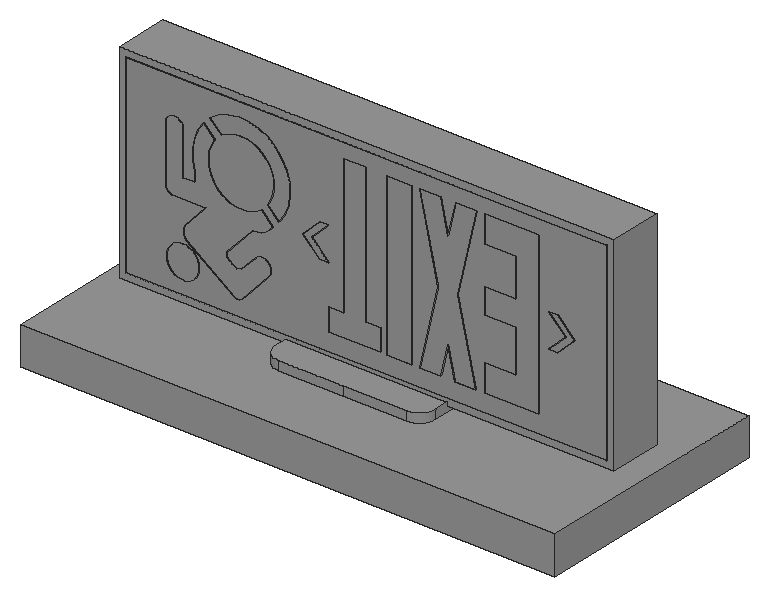
Revit family "ATXHTLR-LGUSWCT", category Lighting Fixtures, host Face, Revit 2026
Family settings
  Host = Face
  Round Connector Dimension = Use Diameter
  Part Type = Normal
  Cut with Voids When Loaded = No
  Light Source = No
  Maintain Annotation Orientation = No
  Shared = No
  Room Calculation Point = No
Parameters (values of type "ATXHTLRUSWCT-WHITE-CEILING MOUNT")
  Wattage Comments = "2 W"
  Type Image = ATC-CT- IMAGE .jpg
  Type Comments = ""
  Model = "ATXHTLRUSWCT-CEILING MOUNT"
  Manufacturer = "BEGHELLI"
  Lamp = "LED"
  LETTER MATERIAL = LETTER MATERIAL RED
  HOUSING MATERIAL = HOUSING MATERIAL WHITE
  Description = ""
  Default Elevation = 4' - 0"
Types (5): name | LETTER MATERIAL | HOUSING MATERIAL
  (no name) | LETTER MATERIAL RED | HOUSING MATERIAL WHITE
  ATXHTLRUSWCT-WHITE-CEILING MOUNT | LETTER MATERIAL RED | HOUSING MATERIAL WHITE
  ATXHTLGUSWCT-WHITE-CEILING MOUNT | LETTERS MATERIAL GREEN | HOUSING MATERIAL WHITE
  ATXHTLGUSWCT-BLACK-CEILING MOUNT | LETTERS MATERIAL GREEN | HOUSING MATERIAL BLACK
  ATXHTLRUSWCT-BLACK-CEILING MOUNT | LETTER MATERIAL RED | HOUSING MATERIAL BLACK
Reference planes (in)
  plane 1 "Center (Front/Back)": y = 0
  plane 2: z = 0
  plane 3 "Center (Left/Right)": x = 0
Forms (in)
  Extrusion 1, solid, material "HOUSING MATERIAL WHITE" <- "HOUSING MATERIAL"
    sketch origin (0, 0, 0) x (1, 0, 0) y (0, 1, 0)
      loop
        line (-10, 4.5) -> (-10, -4.57261) -> (9.9928, -4.57261) -> (9.9928, 4.5) -> (-10, 4.5)
    from 0 to -1.42056
Dimensions and locks (in)
  aligned and locked: plane 2 to Extrusion 1
  aligned and locked: level to Extrusion 1
  aligned and locked: nested 1 to level
Nested families (in)
  nested 1: "ATX-CT-CEILING" at (0, 0, 0.34287), type "LETTERS"
Definition of nested family "ATX-CT-CEILING"
  Parameters (values of type "LETTERS")
    LETTERS MATERIAL = none
    HOUSING MATERIAL = none
    Default Elevation = 0' - 0"
  Reference planes (in)
    plane 1 "Center (Front/Back)": y = 0
    plane 2: z = 0
    plane 3 "Center (Left/Right)": x = 0
  Dimensions and locks (in)
    aligned and locked: plane 2 to level
  Nested families (in)
    nested 1: "ATX-CT-CEILING BACKET" at (0, 0, 0), type "ATX-CT-CEILING BACKET"
    nested 2: "ATX - CT - HOUSING-CEILING" at (0, 0.13672, 3.7508), type "LETTERS"
    nested 3: "ATX - LETTER-CEILING" at (0, 0.28232, 3.7508), type "LETTERS"
  Definition of nested family "ATX-CT-CEILING BACKET"
    Parameters (values of type "ATX-CT-CEILING BACKET")
      Default Elevation = 0' - 0"
      HOUSING MATERIAL = none
    Reference planes (in)
      plane 1 "Center (Front/Back)": y = 0
      plane 2: z = 0
      plane 3 "Center (Left/Right)": x = 0
      plane 4: z = 2
    Forms (in)
      Extrusion 1, solid, material <- "HOUSING MATERIAL"
        sketch origin (0, 0, 0) x (1, 0, 0) y (0, 1, 0)
          loop
            line (0, 2) -> (-2.39456, 2)
            arc (-2.39456, 2) -> (-2.82267, 1.82267) -> (-3, 1.39456) r 0.60544
            line (-3, 1.39456) -> (-3, 0) -> (-3, -1.39456)
            arc (-3, -1.39456) -> (-2.82267, -1.82267) -> (-2.39456, -2) r 0.60544
            line (-2.39456, -2) -> (0, -2) -> (2.39456, -2)
            arc (2.39456, -2) -> (2.82267, -1.82267) -> (3, -1.39456) r 0.60544
            line (3, -1.39456) -> (3, 0) -> (3, 1.39456)
            arc (3, 1.39456) -> (2.82267, 1.82267) -> (2.39456, 2) r 0.60544
            line (2.39456, 2) -> (0, 2)
        from -0.34287 to 0
      Extrusion 2, void
        sketch origin (0, 0, 0) x (1, 0, 0) y (0, 1, 0)
          loop
            line (-3.2578, 1.13654) -> (-3.2578, -0.86346) -> (3.2422, -0.86346) -> (3.2422, 1.13654) -> (-3.2578, 1.13654)
        from -0.1242 to 0
    Cuts and joins
      Extrusion 2 cuts Extrusion 1
    Dimensions and locks (in)
      plane 4 to level = 0' - 2"
      aligned and locked: plane 2 to level
  Definition of nested family "ATX - CT - HOUSING-CEILING"
    Parameters (values of type "LETTERS")
      HOUSING MATERIAL = none
      Default Elevation = 0' - 0"
    Reference planes (in)
      plane 1 "Center (Front/Back)": y = 0
      plane 2: z = 0
      plane 3 "Center (Left/Right)": x = 0
      plane 4: y = 1
      plane 5: y = -1
    Forms (in)
      Extrusion 1, solid, material <- "HOUSING MATERIAL"
        sketch origin (0, 0, 0) x (1, 0, 0) y (0, 0, 1)
          loop
            line (-9, 3.625) -> (-9, -3.625) -> (9, -3.625) -> (9, 3.625) -> (-9, 3.625)
        from -1 to 1
      Extrusion 2, solid, material <- "HOUSING MATERIAL"
        sketch origin (0, 0, 0) x (1, 0, 0) y (0, 0, 1)
          loop
            line (-9.25, 3.875) -> (-9.25, -3.875) -> (9.25, -3.875) -> (9.25, 3.875) -> (-9.25, 3.875)
          loop
            line (-9, 3.625) -> (-9, -3.625) -> (9, -3.625) -> (9, 3.625) -> (-9, 3.625)
        from -1 to 1
      Extrusion 3, void
        sketch origin (0, 0, 0) x (1, 0, 0) y (0, 0, 1)
          loop
            arc (-3.27296, 0.07811) -> (-3.41488, 2.53171) -> (-5.86849, 2.67363) r 1.84763
            line (-5.86849, 2.67363) -> (-5.44168, 2.24682)
            arc (-5.44168, 2.24682) -> (-3.83747, 2.10912) -> (-3.69977, 0.50491) r 1.25
            line (-3.69977, 0.50491) -> (-3.27296, 0.07811)
          loop
            line (-3.49783, -0.16894) -> (-3.92304, 0.25627)
            arc (-3.92304, 0.25627) -> (-5.56371, 0.36726) -> (-5.6747, 2.00793) r 1.25
            line (-5.6747, 2.00793) -> (-6.09991, 2.43314)
            arc (-6.09991, 2.43314) -> (-6.49657, 1.58756) -> (-6.42899, 0.65602) r 1.84763
            line (-6.42899, 0.65602) -> (-6.42899, 0.30812) -> (-6.87657, 0.30812) -> (-6.87657, 1.92754)
            arc (-6.87657, 1.92754) -> (-7.20442, 2.25539) -> (-7.53228, 1.92754) r 0.32786
            line (-7.53228, 1.92754) -> (-7.53228, -0.11639)
            arc (-7.53228, -0.11639) -> (-7.4471, -0.32202) -> (-7.24147, -0.4072) r 0.2908
            line (-7.24147, -0.4072) -> (-6.03228, -0.4072) -> (-6.76802, -1.22433)
            arc (-6.76802, -1.22433) -> (-6.86399, -1.47433) -> (-6.76802, -1.72433) r 0.37362
            line (-6.76802, -1.72433) -> (-4.97141, -3.00269)
            arc (-4.97141, -3.00269) -> (-4.79856, -3.03735) -> (-4.63764, -2.96538) r 0.28964
            line (-4.63764, -2.96538) -> (-3.67647, -1.89789)
            arc (-3.67647, -1.89789) -> (-3.67647, -1.42767) -> (-4.14669, -1.42767) r 0.3325
            line (-4.14669, -1.42767) -> (-4.68627, -1.96725)
            arc (-4.68627, -1.96725) -> (-4.8538, -2.03402) -> (-5.02132, -1.96725) r 0.24355
            line (-5.02132, -1.96725) -> (-5.22832, -1.76025)
            arc (-5.22832, -1.76025) -> (-5.24817, -1.69119) -> (-5.23565, -1.62044) r 0.15926
            line (-5.23565, -1.62044) -> (-4.27281, -0.5511)
            arc (-4.27281, -0.5511) -> (-3.83887, -0.45421) -> (-3.49783, -0.16894) r 0.94119
          loop
            circle (-6.87657, -2.51674) r 0.60948
          loop
            line (-1.42905, 0.63094) -> (-1.76603, 0.63094) -> (-2.39928, -0.00232) -> (-1.76603, -0.63557) -> (-1.42905, -0.63557) -> (-2.0623, -0.00232) -> (-1.42905, 0.63094)
          loop
            line (-0.04469, 3.05683) -> (-0.86603, 3.05683) -> (-0.86603, -2.12952) -> (-1.43701, -2.12952) -> (-1.43701, -2.94317) -> (0.52629, -2.94317) -> (0.52629, -2.12952) -> (-0.04469, -2.12952) -> (-0.04469, 3.05683)
          loop
            line (0.76651, 3.04982) -> (0.76651, -2.95018) -> (1.68895, -2.95018) -> (1.68895, 3.04982) -> (0.76651, 3.04982)
          loop
            line (2.76883, 3.04982) -> (1.97193, 3.04982) -> (2.6751, 0.00404) -> (1.99306, -2.95018) -> (2.78997, -2.95018) -> (3.04854, -1.83019) -> (3.30711, -2.95018) -> (4.08836, -2.95018) -> (3.40632, 0.00404) -> (4.1095, 3.04982) -> (3.32825, 3.04982) -> (3.04854, 1.83827) -> (2.76883, 3.04982)
          loop
            line (6.42615, 3.04982) -> (4.42615, 3.04982) -> (4.42615, 2.04982) -> (5.56582, 2.04982) -> (5.56582, 0.61073) -> (4.42615, 0.61073) -> (4.42615, -0.32518) -> (5.56582, -0.32518) -> (5.56582, -1.95018) -> (4.42615, -1.95018) -> (4.42615, -2.95018) -> (6.42615, -2.95018) -> (6.42615, 3.04982)
          loop
            line (7.15733, 0.63089) -> (6.82035, 0.63089) -> (7.4536, -0.00237) -> (6.82035, -0.63562) -> (7.15733, -0.63562) -> (7.79058, -0.00237) -> (7.15733, 0.63089)
        from 0.52765 to 1.40361
      Extrusion 4, void
        sketch origin (0, 0, 0) x (1, 0, 0) y (0, 0, 1)
          loop
            line (5.51826, 2.24249) -> (5.94507, 2.6693)
            arc (5.94507, 2.6693) -> (3.49146, 2.52738) -> (3.34954, 0.07377) r 1.84763
            line (3.34954, 0.07377) -> (3.77635, 0.50058)
            arc (3.77635, 0.50058) -> (3.91405, 2.10479) -> (5.51826, 2.24249) r 1.25
          loop
            line (3.99962, 0.25194) -> (3.57441, -0.17327)
            arc (3.57441, -0.17327) -> (3.91545, -0.45855) -> (4.34939, -0.55544) r 0.94119
            line (4.34939, -0.55544) -> (5.31223, -1.62477)
            arc (5.31223, -1.62477) -> (5.32475, -1.69553) -> (5.3049, -1.76459) r 0.15926
            line (5.3049, -1.76459) -> (5.0979, -1.97158)
            arc (5.0979, -1.97158) -> (4.93038, -2.03835) -> (4.76285, -1.97158) r 0.24355
            line (4.76285, -1.97158) -> (4.22327, -1.432)
            arc (4.22327, -1.432) -> (3.75305, -1.432) -> (3.75305, -1.90222) r 0.3325
            line (3.75305, -1.90222) -> (4.71422, -2.96971)
            arc (4.71422, -2.96971) -> (4.87514, -3.04168) -> (5.04799, -3.00703) r 0.28964
            line (5.04799, -3.00703) -> (6.8446, -1.72866)
            arc (6.8446, -1.72866) -> (6.94057, -1.47866) -> (6.8446, -1.22866) r 0.37362
            line (6.8446, -1.22866) -> (6.10886, -0.41153) -> (7.31806, -0.41153)
            arc (7.31806, -0.41153) -> (7.52369, -0.32636) -> (7.60886, -0.12073) r 0.2908
            line (7.60886, -0.12073) -> (7.60886, 1.9232)
            arc (7.60886, 1.9232) -> (7.281, 2.25106) -> (6.95315, 1.9232) r 0.32786
            line (6.95315, 1.9232) -> (6.95315, 0.30379) -> (6.50557, 0.30379) -> (6.50557, 0.65169)
            arc (6.50557, 0.65169) -> (6.57315, 1.58323) -> (6.17649, 2.4288) r 1.84763
            line (6.17649, 2.4288) -> (5.75128, 2.0036)
            arc (5.75128, 2.0036) -> (5.64029, 0.36293) -> (3.99962, 0.25194) r 1.25
          loop
            circle (6.95315, -2.52107) r 0.60948
          loop
            line (1.97814, 0.64025) -> (1.64116, 0.64025) -> (2.27441, 0.00699) -> (1.64116, -0.62626) -> (1.97814, -0.62626) -> (2.61139, 0.00699) -> (1.97814, 0.64025)
          loop
            line (-0.34036, -2.9375) -> (1.62294, -2.9375) -> (1.62294, -2.12385) -> (1.05196, -2.12385) -> (1.05196, 3.0625) -> (0.23062, 3.0625) -> (0.23062, -2.12385) -> (-0.34036, -2.12385) -> (-0.34036, -2.9375)
          loop
            line (-0.59036, 3.0625) -> (-1.5128, 3.0625) -> (-1.5128, -2.94317) -> (-0.59036, -2.94317) -> (-0.59036, 3.0625)
          loop
            line (-2.61381, -2.9375) -> (-1.81691, -2.9375) -> (-2.49894, 0.01672) -> (-1.79577, 3.0625) -> (-2.59268, 3.0625) -> (-2.87239, 1.85095) -> (-3.15209, 3.0625) -> (-3.93334, 3.0625) -> (-3.23017, 0.01672) -> (-3.91221, -2.9375) -> (-3.13096, -2.9375) -> (-2.87239, -1.81751) -> (-2.61381, -2.9375)
          loop
            line (-4.25, 2.0625) -> (-4.25, 3.0625) -> (-6.25, 3.0625) -> (-6.25, -2.9375) -> (-4.25, -2.9375) -> (-4.25, -1.9375) -> (-5.38967, -1.9375) -> (-5.38967, -0.3125) -> (-4.25, -0.3125) -> (-4.25, 0.62341) -> (-5.38967, 0.62341) -> (-5.38967, 2.0625) -> (-4.25, 2.0625)
          loop
            line (-6.57751, 0.64025) -> (-6.91449, 0.64025) -> (-7.54774, 0.00699) -> (-6.91449, -0.62626) -> (-6.57751, -0.62626) -> (-7.21076, 0.00699) -> (-6.57751, 0.64025)
        from -1.36358 to -0.63986
    Cuts and joins
      Extrusion 3, Extrusion 4 cuts Extrusion 1
    Dimensions and locks (in)
      aligned and locked: plane 2 to level
  Definition of nested family "ATX - LETTER-CEILING"
    Parameters (values of type "LETTERS")
      LETTERS MATERIAL = none
      Default Elevation = 0' - 0"
    Reference planes (in)
      plane 1 "Center (Front/Back)": y = 0
      plane 2: z = 0
      plane 3 "Center (Left/Right)": x = 0
    Forms (in)
      Extrusion 1, solid, material <- "LETTERS MATERIAL"
        sketch origin (3.84014, -3.675, 4.68659) x (1, 0, 0) y (0, 0, -1)
          loop
            line (-10.09014, 7.62409) -> (-10.09014, 1.62409) -> (-8.09014, 1.62409) -> (-8.09014, 2.62409) -> (-9.22981, 2.62409) -> (-9.22981, 4.06318) -> (-8.09014, 4.06318) -> (-8.09014, 4.99909) -> (-9.22981, 4.99909) -> (-9.22981, 6.62409) -> (-8.09014, 6.62409) -> (-8.09014, 7.62409) -> (-10.09014, 7.62409)
          loop
            line (-6.97109, 7.62409) -> (-7.75234, 7.62409) -> (-7.07031, 4.66987) -> (-7.77348, 1.62409) -> (-6.99223, 1.62409) -> (-6.71252, 2.83564) -> (-6.43282, 1.62409) -> (-5.63591, 1.62409) -> (-6.33908, 4.66987) -> (-5.65705, 7.62409) -> (-6.45395, 7.62409) -> (-6.71252, 6.50409) -> (-6.97109, 7.62409)
          loop
            line (-5.35294, 1.62409) -> (-4.4305, 1.62409) -> (-4.4305, 7.62409) -> (-5.35294, 7.62409) -> (-5.35294, 1.62409)
          loop
            line (-2.21719, 7.62409) -> (-4.1805, 7.62409) -> (-4.1805, 6.81044) -> (-3.60951, 6.81044) -> (-3.60951, 1.62409) -> (-2.78818, 1.62409) -> (-2.78818, 6.81044) -> (-2.21719, 6.81044) -> (-2.21719, 7.62409)
          loop
            line (-11.38788, 4.6796) -> (-10.75463, 4.04634) -> (-10.41765, 4.04634) -> (-11.0509, 4.6796) -> (-10.41765, 5.31285) -> (-10.75463, 5.31285) -> (-11.38788, 4.6796)
          loop
            line (-1.56572, 4.6796) -> (-2.19898, 4.04634) -> (-1.862, 4.04634) -> (-1.22874, 4.6796) -> (-1.862, 5.31285) -> (-2.19898, 5.31285) -> (-1.56572, 4.6796)
          loop
            line (2.10493, 2.01729) -> (1.67812, 2.4441)
            arc (1.67812, 2.4441) -> (0.07392, 2.5818) -> (-0.06379, 4.18601) r 1.25
            line (-0.06379, 4.18601) -> (-0.49059, 4.61281)
            arc (-0.49059, 4.61281) -> (-0.34867, 2.15921) -> (2.10493, 2.01729) r 1.84763
          loop
            arc (2.33635, 2.25778) -> (2.73301, 3.10336) -> (2.66543, 4.0349) r 1.84763
            line (2.66543, 4.0349) -> (2.66543, 4.3828) -> (3.11301, 4.3828) -> (3.11301, 2.76338)
            arc (3.11301, 2.76338) -> (3.44087, 2.43553) -> (3.76872, 2.76338) r 0.32786
            line (3.76872, 2.76338) -> (3.76872, 4.80732)
            arc (3.76872, 4.80732) -> (3.68355, 5.01295) -> (3.47792, 5.09812) r 0.2908
            line (3.47792, 5.09812) -> (2.26872, 5.09812) -> (3.00447, 5.91525)
            arc (3.00447, 5.91525) -> (3.10043, 6.16525) -> (3.00447, 6.41525) r 0.37362
            line (3.00447, 6.41525) -> (1.20785, 7.69361)
            arc (1.20785, 7.69361) -> (1.03501, 7.72827) -> (0.87408, 7.6563) r 0.28964
            line (0.87408, 7.6563) -> (-0.08709, 6.58881)
            arc (-0.08709, 6.58881) -> (-0.08709, 6.11859) -> (0.38313, 6.11859) r 0.3325
            line (0.38313, 6.11859) -> (0.92272, 6.65817)
            arc (0.92272, 6.65817) -> (1.09024, 6.72494) -> (1.25776, 6.65817) r 0.24355
            line (1.25776, 6.65817) -> (1.46476, 6.45117)
            arc (1.46476, 6.45117) -> (1.48461, 6.38212) -> (1.47209, 6.31136) r 0.15926
            line (1.47209, 6.31136) -> (0.50926, 5.24202)
            arc (0.50926, 5.24202) -> (0.07532, 5.14514) -> (-0.26573, 4.85986) r 0.94119
            line (-0.26573, 4.85986) -> (0.15948, 4.43465)
            arc (0.15948, 4.43465) -> (1.80015, 4.32366) -> (1.91114, 2.68299) r 1.25
            line (1.91114, 2.68299) -> (2.33635, 2.25778)
          loop
            circle (3.11301, 7.20766) r 0.60948
        from 4.33104 to 4.5294
      Extrusion 2, solid, material <- "LETTERS MATERIAL"
        sketch origin (-3.68389, 3.38379, -4.51356) x (-1, 0, 0) y (0, 0, -1)
          loop
            line (-10.11004, -7.56338) -> (-8.11004, -7.56338) -> (-8.11004, -6.56338) -> (-9.24971, -6.56338) -> (-9.24971, -5.12429) -> (-8.11004, -5.12429) -> (-8.11004, -4.18838) -> (-9.24971, -4.18838) -> (-9.24971, -2.56338) -> (-8.11004, -2.56338) -> (-8.11004, -1.56338) -> (-10.11004, -1.56338) -> (-10.11004, -7.56338)
          loop
            line (-10.50424, -3.87794) -> (-10.84122, -3.87794) -> (-11.47447, -4.5112) -> (-10.84122, -5.14445) -> (-10.50424, -5.14445) -> (-11.13749, -4.5112) -> (-10.50424, -3.87794)
          loop
            line (-7.79339, -7.56338) -> (-7.01214, -7.56338) -> (-6.73243, -6.35183) -> (-6.45272, -7.56338) -> (-5.65581, -7.56338) -> (-6.35899, -4.5176) -> (-5.67695, -1.56338) -> (-6.47386, -1.56338) -> (-6.73243, -2.68338) -> (-6.991, -1.56338) -> (-7.77225, -1.56338) -> (-7.09021, -4.5176) -> (-7.79339, -7.56338)
          loop
            line (-5.37284, -1.56338) -> (-5.37284, -7.56338) -> (-4.4504, -7.56338) -> (-4.4504, -1.56338) -> (-5.37284, -1.56338)
          loop
            line (-3.63919, -7.57039) -> (-2.81786, -7.57039) -> (-2.81786, -2.38404) -> (-2.24687, -2.38404) -> (-2.24687, -1.57039) -> (-4.21018, -1.57039) -> (-4.21018, -2.38404) -> (-3.63919, -2.38404) -> (-3.63919, -7.57039)
          loop
            line (-2.25484, -5.1445) -> (-1.91786, -5.1445) -> (-1.28461, -4.51125) -> (-1.91786, -3.87799) -> (-2.25484, -3.87799) -> (-1.62159, -4.51125) -> (-2.25484, -5.1445)
          loop
            arc (-0.41093, -4.59167) -> (-0.26901, -7.04527) -> (2.1846, -7.18719) r 1.84763
            line (2.1846, -7.18719) -> (1.75779, -6.76038)
            arc (1.75779, -6.76038) -> (0.15359, -6.62268) -> (0.01588, -5.01848) r 1.25
            line (0.01588, -5.01848) -> (-0.41093, -4.59167)
          loop
            line (1.99081, -6.52149) -> (2.41602, -6.9467)
            arc (2.41602, -6.9467) -> (2.81268, -6.10112) -> (2.7451, -5.16958) r 1.84763
            line (2.7451, -5.16958) -> (2.7451, -4.82169) -> (3.19268, -4.82169) -> (3.19268, -6.4411)
            arc (3.19268, -6.4411) -> (3.52053, -6.76895) -> (3.84839, -6.4411) r 0.32786
            line (3.84839, -6.4411) -> (3.84839, -4.39717)
            arc (3.84839, -4.39717) -> (3.76322, -4.19154) -> (3.55759, -4.10636) r 0.2908
            line (3.55759, -4.10636) -> (2.34839, -4.10636) -> (3.08413, -3.28924)
            arc (3.08413, -3.28924) -> (3.1801, -3.03924) -> (3.08413, -2.78924) r 0.37362
            line (3.08413, -2.78924) -> (1.28752, -1.51087)
            arc (1.28752, -1.51087) -> (1.11468, -1.47621) -> (0.95375, -1.54818) r 0.28964
            line (0.95375, -1.54818) -> (-0.00742, -2.61567)
            arc (-0.00742, -2.61567) -> (-0.00742, -3.08589) -> (0.4628, -3.08589) r 0.3325
            line (0.4628, -3.08589) -> (1.00239, -2.54631)
            arc (1.00239, -2.54631) -> (1.16991, -2.47954) -> (1.33743, -2.54631) r 0.24355
            line (1.33743, -2.54631) -> (1.54443, -2.75331)
            arc (1.54443, -2.75331) -> (1.56428, -2.82237) -> (1.55176, -2.89312) r 0.15926
            line (1.55176, -2.89312) -> (0.58892, -3.96246)
            arc (0.58892, -3.96246) -> (0.15498, -4.05935) -> (-0.18606, -4.34462) r 0.94119
            line (-0.18606, -4.34462) -> (0.23915, -4.76983)
            arc (0.23915, -4.76983) -> (1.87982, -4.88082) -> (1.99081, -6.52149) r 1.25
          loop
            circle (3.19268, -1.99682) r 0.60948
        from 4.33104 to 4.5294
    Dimensions and locks (in)
      aligned and locked: plane 2 to level
